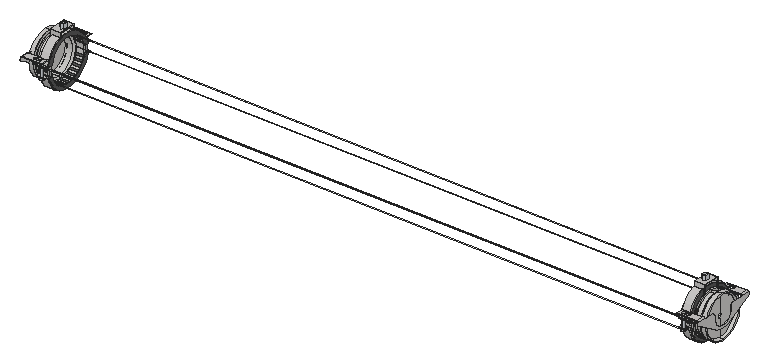
Revit family "FT Pegaso_2020", category Lighting Fixtures, Revit 2020
Family settings
  Round Connector Dimension = Use Diameter
  Part Type = Normal
  OmniClass Number = 23.80.70.00
  OmniClass Title = Lighting
  Work Plane-Based = No
  Always vertical = Yes
  Cut with Voids When Loaded = No
  Light Source = Yes
  Shared = No
  Room Calculation Point = No
Parameters (values of type "PE324")
  Watts = 40 W
  Wattage = 9.2903 W
  built-in parameter 1150110 = 1 (stored number, unit not read)
  Useful life = "L70B50>50000"
  Unify glade rating = "UGR<19"
  URL = "https://www.airfal.com/prod/aplicaciones-iluminacion/luminaria-pegaso/"
  built-in parameter 1114217 = 1 (stored number, unit not read)
  Tilt Angle = 90.00°
  built-in parameter 1150109 = 1 (stored number, unit not read)
  built-in parameter 1150134 = 3
  TR1-PEGASO-TUNNEL [instance] = yes
  built-in parameter 1150113 = 1 (stored number, unit not read)
  Size = 1500.00 mm
  Photometric Web File = "PE324 PEGASO 1500 40W 6700 lm 4000ºK.IES"
  Photobiological risk group = "RG1"
  Net output = 4874 lm
  NO TR1-PEGASO-TUNNEL [instance] = yes
  MacAdam Ellipse = "3/4"
  built-in parameter 1150105 = 109.82 (stored number, unit not read)
  Lumens = 1380 lm
  built-in parameter 1150115 = 1 (stored number, unit not read)
  built-in parameter 1150137 = (empty or 0)
  built-in parameter 1150139 = (empty or 0)
  Led Module = yes
  built-in parameter 1150112 = 1 (stored number, unit not read)
  built-in parameter 1150114 = 1 (stored number, unit not read)
  L = 1581.00 mm
  built-in parameter 1150132 = (empty or 0)
  built-in parameter 1150102 = (empty or 0)
  built-in parameter 1150107 = 3200 (stored number, unit not read)
  built-in parameter 1150138 = (empty or 0)
  built-in parameter 1150106 = 1.0982 (stored number, unit not read)
  IP = "IP68-2"
  IK = "IK10"
  Glow wire test = "960ºC"
  Emit from Line Length = 609.60 mm
  Emergency system = no
  built-in parameter 1150104 = 13.8 (stored number, unit not read)
  EX Area = ""
  Dimming Lamp Color Temperature Shift = <None>
  Description = "https://www.airfal.com/fichas/new/FT-Pegaso.pdf"
  Default Elevation = 0.00 mm
  Color Filter = 16777215
  Chromatic Index = "CR>80"
  built-in parameter 1114218 = 1 (stored number, unit not read)
  built-in parameter 1150133 = 10 (stored number, unit not read)
Types (12, lengths in mm): name | Watts | Tilt Angle | Size | Photometric Web File | Net output | L
  PE113 | 13 W | 60.00° | 673.00 | "PE113 PEGASO 600 13W 1490 lm 3000ºK.IES" | 1084 lm | 721.00
  PE114 | 13 W | 60.00° | 600.00 | "PE114 PEGASO 600 13W 1550 lm 4000ºK.IES" | 1127 lm | 721.00
  PE123 | 16 W | 90.00° | 600.00 | "PE123 PEGASO 600 16W 2560 lm 3000ºK.IES" | 1862 lm | 721.00
  PE124 | 16 W | 90.00° | 600.00 | "PE124 PEGASO 600 16W 2670 lm 4000ºK.IES" | 1942 lm | 721.00
  PE213 | 24 W | 60.00° | 1200.00 | "PE213 PEGASO 1200 24W 2980 lm 3000ºK.IES" | 2168 lm | 1235.00
  PE214 | 24 W | 60.00° | 1200.00 | "PE214 PEGASO 1200 24W 3200 lm 4000ºK.IES" | 2328 lm | 1235.00
  PE223 | 32 W | 90.00° | 1200.00 | "PE223 PEGASO 1200 32W 5120 lm 3000ºK.IES" | 3724 lm | 1235.00
  PE313 | 29 W | 60.00° | 1500.00 | "PE313 PEGASO 1500 29W 3720 lm 3000ºK.IES" | 2706 lm | 1581.00
  PE224 | 32 W | 90.00° | 1200.00 | "PE224 PEGASO 1200 32W 5340 lm 4000ºK.IES" | 3884 lm | 1235.00
  PE314 | 29 W | 60.00° | 1500.00 | "PE314 PEGASO 1500 29W 4000 lm 4000ºK.IES" | 2910 lm | 1581.00
  PE323 | 40 W | 90.00° | 1500.00 | "PE323 PEGASO 1500 40W 6310 lm 3000ºK.IES" | 4590 lm | 1581.00
  PE324 | 40 W | 90.00° | 1500.00 | "PE324 PEGASO 1500 40W 6700 lm 4000ºK.IES" | 4874 lm | 1581.00
Reference planes
  plane 1 "Light Source Axis (F/B)": y = -218.644
  plane 2: z = 0
  plane 3 "Light Source Axis (L/R)": x = 0
  plane 4 "Light Source Elevation": z = 1371.6
  plane 5: z = 0
  plane 6: x = -790.5
  plane 7: x = 790.5
  plane 8: x = -750
  plane 9: x = 750
  plane 10: z = 1438.6
  plane 11: x = -800.6
  plane 12: x = 800.6
  plane 13: z = 1321.6
Forms (mm)
  Extrusion 1, solid, material "Polycarbonate"
    sketch origin (0, 0, 0) x (0, 1, 0) y (0, 0, 1)
      loop
        circle (-218.644, 1371.6) r 50
      loop
        circle (-218.644, 1371.6) r 48
    from -790.5 to 790.5
Dimensions and locks
  equal spacing: plane 6, plane 3 "Light Source Axis (L/R)", plane 7
  "L": plane 6 to plane 7
  "Size": plane 8 to plane 9
  equal spacing: plane 8, plane 3 "Light Source Axis (L/R)", plane 9
  locked: plane 10 to plane 4 "Light Source Elevation" at 67
  plane 11 to plane 6 = 10.10 mm
  locked: plane 12 to plane 7 at 10.1
  locked: plane 4 "Light Source Elevation" to plane 13 at 50
  plane 6 to plane 8 = 40.50 mm
  plane 9 to plane 7 = 40.50 mm
  aligned and locked: level to plane 5
  aligned and locked: Extrusion 1 to plane 6
  aligned and locked: Extrusion 1 to plane 7
  aligned and locked: nested 1 to plane 1 "Light Source Axis (F/B)"
  aligned and locked: plane 8 to nested 1
  aligned and locked: plane 9 to nested 2
  aligned and locked: nested 2 to plane 1 "Light Source Axis (F/B)"
  aligned and locked: nested 2 to plane 10
  aligned and locked: nested 1 to plane 10
  aligned and locked: plane 12 to nested 6
  aligned and locked: nested 5 to plane 11
  aligned and locked: plane 11 to nested 3
  aligned and locked: plane 12 to nested 4
  aligned and locked: nested 7 to plane 1 "Light Source Axis (F/B)"
  aligned and locked: nested 7 to plane 8
  aligned and locked: plane 9 to nested 8
  aligned and locked: nested 4 to plane 1 "Light Source Axis (F/B)"
  aligned and locked: plane 4 "Light Source Elevation" to nested 7
  aligned and locked: plane 4 "Light Source Elevation" to nested 8
Automatic sketch dimensions
  Extrusion 1 sketch curve to plane 1 "Light Source Axis (F/B)" = 0.00 mm
  plane 4 "Light Source Elevation" to Extrusion 1 sketch curve = 0.00 mm
  Extrusion 1 sketch curve to Extrusion 1 sketch curve = 0.00 mm  (x2)
  radius of Extrusion 1 sketch curve = 50.00 mm
  radius of Extrusion 1 sketch curve = 48.00 mm
Nested families
  nested 1: "Quick opening stainless steel FARM-100mm" at (-762, -218.644, 1371.6) x (0, 1, 0) z (0, 0, 1), visible <- "NO TR1-PEGASO-TUNNEL", type "Quick opening stainless steel FARM-100mm"
  nested 2: "Quick opening stainless steel FARM-100mm" at (762, -218.644, 1371.6) x (0, 1, 0) z (0, 0, 1), visible <- "NO TR1-PEGASO-TUNNEL", type "Quick opening stainless steel FARM-100mm"
  nested 3: "R05R0 ABS silver end caps (no hole)" at (-800.6, -218.644, 1371.6), type "101"
  nested 4: "R05R0 ABS silver end caps (hole)" at (800.6, -218.644, 1371.6) x (-1, 0, 0) z (0, 0, 1), type "101"
  nested 5: "TR1-PEGASO-TUNNEL" at (-801.6, -218.644, 1348.474) x (0, -1, 0) z (0, 0, 1), visible <- "TR1-PEGASO-TUNNEL", type "TR1-PEGASO-TUNNEL"
  nested 6: "TR1-PEGASO-TUNNEL" at (801.6, -218.644, 1348.474) x (0, -1, 0) z (0, 0, 1), visible <- "TR1-PEGASO-TUNNEL", type "TR1-PEGASO-TUNNEL"
  nested 7: "FT ABRAP-es" at (-759.25, -218.644, 1371.6) x (0, 1, 0) z (0, 0, 1), visible <- "TR1-PEGASO-TUNNEL", type "ABRI150"
  nested 8: "FT ABRAP-es" at (759.25, -218.644, 1371.6) x (0, 1, 0) z (0, 0, 1), visible <- "TR1-PEGASO-TUNNEL", type "ABRI150"
Definition of nested family "Quick opening stainless steel FARM-100mm"
  Parameters
    Default Elevation = 0.00 mm
  Reference planes
    plane 1 "Center (Front/Back)": y = 0
    plane 2: z = 0
    plane 3 "Center (Left/Right)": x = 0
    plane 4: x = 50
    plane 5: x = -50
    plane 6: through (-51.932, -4572, 0.986) normal (0.9987, 0, 0.0504)
  Forms (mm)
    Extrusion 1, solid
      sketch origin (0, 0, 0) x (1, 0, 0) y (0, 0, 1)
        loop
          line (-19, 46.249) -> (-19, 66) -> (19, 66) -> (19, 46.249)
          arc (19, 46.249) -> (29.624, -40.279) -> (-49.81, -4.358) r 50
          line (-49.81, -4.358) -> (-50.806, -4.445)
          arc (-50.806, -4.445) -> (29.945, -41.283) -> (20, 46.915) r 51
          line (20, 46.915) -> (20, 67) -> (-20, 67) -> (-20, 46.915)
          arc (-20, 46.915) -> (-42.1, 28.786) -> (-50.974, 1.614) r 51
          arc (-50.974, 1.614) -> (-51.29, 1.165) -> (-51.828, 1.276) r 0.5
          line (-51.828, 1.276) -> (-56.07, 5.519) -> (-56.778, 4.812) -> (-52.535, 0.569)
          arc (-52.535, 0.569) -> (-50.875, 0.425) -> (-49.967, 1.822) r 1.619
          arc (-49.967, 1.822) -> (-41.019, 28.591) -> (-19, 46.249) r 50
      from -12 to 12
    Sweep 2, solid
      path origin (-1.284, 0.781, 2.348) x (0, 1, 0) y (-0.030516, 0, 0.999534)
        loop
          line (10.214, 1.776) -> (-11.777, 1.776)
          arc (-11.777, 1.776) -> (-13.191, 1.19) -> (-13.777, -0.224) r 2
          line (-13.777, -0.224) -> (-13.777, -15.814)
          arc (-13.777, -15.814) -> (-13.191, -17.228) -> (-11.777, -17.814) r 2
          line (-11.777, -17.814) -> (10.214, -17.814)
          arc (10.214, -17.814) -> (11.628, -17.228) -> (12.214, -15.814) r 2
          line (12.214, -15.814) -> (12.214, -0.224)
          arc (12.214, -0.224) -> (11.628, 1.19) -> (10.214, 1.776) r 2
      profile origin (-1.338, 0, 4.123) x (0.030516, 0, -0.999534) y (0.999534, 0, 0.030516)
        loop
          circle (0, -50.482) r 0.8
    Extrusion 3, solid
      sketch origin (2.155, 0, 0.192) x (1, 0, 0) y (0, 0, 1)
        loop
          arc (-53.343, -1.904) -> (-53.731, -1.244) -> (-54.472, -1.052) r 1
          line (-54.472, -1.052) -> (-55.784, -1.236)
          arc (-55.784, -1.236) -> (-57.104, -2.012) -> (-57.488, -3.494) r 2
          line (-57.488, -3.494) -> (-55.129, -20.352)
          arc (-55.129, -20.352) -> (-54.99, -20.738) -> (-54.707, -21.036) r 1
          arc (-54.707, -21.036) -> (-53.399, -23.326) -> (-54.37, -25.777) r 3.043
          line (-54.37, -25.777) -> (-53.074, -25.595)
          arc (-53.074, -25.595) -> (-52.104, -23.144) -> (-53.411, -20.855) r 3.043
          arc (-53.411, -20.855) -> (-53.688, -20.567) -> (-53.83, -20.195) r 1
          arc (-53.83, -20.195) -> (-53.627, -19.468) -> (-52.975, -19.09) r 1
          line (-52.975, -19.09) -> (-51.968, -18.949)
          arc (-51.968, -18.949) -> (-51.308, -18.561) -> (-51.116, -17.82) r 1
          line (-51.116, -17.82) -> (-53.343, -1.904)
        loop
          line (-56.993, -3.424) -> (-56.809, -4.734) -> (-55.324, -4.527) -> (-55.715, -1.731)
          arc (-55.715, -1.731) -> (-56.705, -2.313) -> (-56.993, -3.424) r 1.5
        loop
          circle (-53.087, -17.163) r 1.401
      from -9.93 to 9.9
    Extrusion 4, void
      sketch origin (0, 0, 0) x (1, 0, 0) y (0, 1, 0)
        loop
          circle (0, 0) r 4.5
      from 66 to 67
  Cuts and joins
    Extrusion 4 cuts Extrusion 1
  Dimensions and locks
    aligned and locked: plane 2 to level
  Automatic sketch dimensions
    plane 1 "Center (Front/Back)" to Extrusion 4 sketch curve = 0.00 mm
    Extrusion 4 sketch curve to plane 3 "Center (Left/Right)" = 0.00 mm
    Extrusion 1 sketch curve to Extrusion 1 sketch curve = 0.00 mm  (x13)
    Extrusion 1 sketch curve to plane 3 "Center (Left/Right)" = 0.00 mm
    Extrusion 1 sketch curve to Extrusion 1 sketch curve = 1.00 mm  (x3)
    plane 5 to Extrusion 1 sketch curve = 1.474 mm
    Extrusion 1 sketch curve to Extrusion 1 sketch curve = 0.111 mm
    Extrusion 1 sketch curve to Extrusion 1 sketch curve = 0.354 mm  (x2)
    level to Extrusion 1 sketch curve = 0.569 mm
    Extrusion 1 sketch curve to Extrusion 1 sketch curve = 0.707 mm  (x3)
    Extrusion 1 sketch curve to Extrusion 1 sketch curve = 4.485 mm
    Extrusion 1 sketch curve to Extrusion 1 sketch curve = 0.251 mm
    Extrusion 1 sketch curve to Extrusion 1 sketch curve = 0.665 mm  (x2)
    Extrusion 1 sketch curve to Extrusion 1 sketch curve = 19.085 mm
    plane 5 to Extrusion 1 sketch curve = 0.806 mm
    Extrusion 1 sketch curve to level = 4.445 mm
    Extrusion 1 sketch curve to plane 5 = 0.19 mm
    Extrusion 1 sketch curve to level = 4.358 mm
    Extrusion 1 sketch curve to plane 3 "Center (Left/Right)" = 20.00 mm
    Extrusion 1 sketch curve to level = 0.00 mm
    Extrusion 3 sketch curve to Extrusion 3 sketch curve = 0.00 mm  (x2)
    Extrusion 3 sketch curve to level = 3.302 mm
    plane 5 to Extrusion 3 sketch curve = 5.333 mm
    Extrusion 3 sketch curve to Extrusion 3 sketch curve = 0.495 mm
    Extrusion 3 sketch curve to Extrusion 3 sketch curve = 0.183 mm  (x2)
    plane 5 to Extrusion 3 sketch curve = 4.279 mm
    Extrusion 3 sketch curve to level = 1.044 mm
    Extrusion 3 sketch curve to Extrusion 3 sketch curve = 1.208 mm
    Extrusion 3 sketch curve to level = 1.539 mm
    Extrusion 3 sketch curve to Extrusion 3 sketch curve = 0.069 mm
    Extrusion 3 sketch curve to Extrusion 3 sketch curve = 0.208 mm
    Extrusion 3 sketch curve to Extrusion 3 sketch curve = 1.296 mm
    plane 5 to Extrusion 3 sketch curve = 2.974 mm
    Extrusion 3 sketch curve to level = 0.86 mm
    Extrusion 3 sketch curve to Extrusion 3 sketch curve = 1.312 mm
    plane 5 to Extrusion 3 sketch curve = 2.215 mm
    Extrusion 3 sketch curve to Extrusion 3 sketch curve = 0.139 mm  (x2)
    Extrusion 3 sketch curve to Extrusion 3 sketch curve = 0.99 mm  (x4)
    plane 5 to Extrusion 3 sketch curve = 0.932 mm
    plane 5 to Extrusion 3 sketch curve = 0.919 mm
    plane 5 to Extrusion 3 sketch curve = 0.82 mm
    plane 5 to Extrusion 3 sketch curve = 0.688 mm
    Extrusion 3 sketch curve to Extrusion 3 sketch curve = 0.007 mm
    Extrusion 3 sketch curve to plane 5 = 0.048 mm
    Extrusion 3 sketch curve to plane 5 = 0.187 mm
    Extrusion 3 sketch curve to Extrusion 3 sketch curve = 12.637 mm
    Extrusion 3 sketch curve to Extrusion 3 sketch curve = 0.657 mm
    Extrusion 3 sketch curve to Extrusion 3 sketch curve = 0.141 mm
    Extrusion 3 sketch curve to Extrusion 3 sketch curve = 0.942 mm
    Extrusion 3 sketch curve to Extrusion 3 sketch curve = 0.048 mm
    Extrusion 3 sketch curve to Extrusion 3 sketch curve = 0.181 mm  (x3)
    Extrusion 3 sketch curve to Extrusion 3 sketch curve = 3.008 mm
    Extrusion 3 sketch curve to Extrusion 3 sketch curve = 2.236 mm
    Extrusion 3 sketch curve to Extrusion 3 sketch curve = 0.309 mm
    plane 1 "Center (Front/Back)" to Sweep 2 sketch curve = 12.995 mm
    Sweep 2 sketch curve to Sweep 2 sketch curve = 2.00 mm  (x3)
    Sweep 2 sketch curve to plane 1 "Center (Front/Back)" = 10.995 mm  (x2)
    Sweep 2 sketch curve to Sweep 2 sketch curve = 15.59 mm
    profile plane to Sweep 2 sketch curve = 0.00 mm
    Sweep 2 sketch curve to profile plane = 50.482 mm
    radius of Extrusion 4 sketch curve = 4.50 mm
    radius of Extrusion 3 sketch curve = 1.401 mm
    radius of Sweep 2 sketch curve = 0.80 mm
Definition of nested family "R05R0 ABS silver end caps (no hole)"
  Parameters (values of type "101")
    R1 = 50.00 mm
    Default Elevation = 0.00 mm
  Reference planes
    plane 1 "Center (Front/Back)": y = 0
    plane 2: z = 0
    plane 3 "Center (Left/Right)": x = 0
  Forms (mm)
    Revolve 1, solid
      sketch origin (0, 0, 0) x (1, 0, 0) y (0, 0, 1)
        loop
          line (7.5, 2) -> (10.2, 2) -> (10.2, 42) -> (30.2, 42) -> (33.2, 46) -> (33.2, 47) -> (27.2, 47) -> (27.2, 44.15) -> (15, 44.15) -> (15, 47) -> (11, 47) -> (11, 50) -> (0, 50) -> (0, 48) -> (7.5, 45) -> (7.5, 2)
        axis (0, 0) -> (33.2, 0)
      angle from 0 to 360
  Dimensions and locks
    aligned and locked: plane 2 to level
Definition of nested family "R05R0 ABS silver end caps (hole)"
  Parameters (values of type "101")
    R1 = 50.00 mm
    Default Elevation = 0.00 mm
  Reference planes
    plane 1 "Center (Front/Back)": y = 0
    plane 2: z = 0
    plane 3 "Center (Left/Right)": x = 0
  Forms (mm)
    Revolve 1, solid
      sketch origin (0, 0, 0) x (1, 0, 0) y (0, 0, 1)
        loop
          line (7.5, 6) -> (10.2, 6) -> (10.2, 42) -> (30.2, 42) -> (33.2, 46) -> (33.2, 47) -> (27.2, 47) -> (27.2, 44.15) -> (15, 44.15) -> (15, 47) -> (11, 47) -> (11, 50) -> (0, 50) -> (0, 48) -> (7.5, 45) -> (7.5, 6)
        axis (0, 0) -> (33.2, 0)
      angle from 0 to 360
  Dimensions and locks
    aligned and locked: plane 2 to level
Definition of nested family "TR1-PEGASO-TUNNEL"
  Parameters (values of type "TR1-PEGASO-TUNNEL")
    Default Elevation = 0.00 mm
  Reference planes
    plane 1 "Center (Front/Back)": y = 0
    plane 2: z = 0
    plane 3 "Center (Left/Right)": x = 0
    plane 4: x = 65
    plane 5: x = -65
    plane 6: x = -55.5
    plane 7: x = 55.5
    plane 8: x = -25
    plane 9: x = 25
    plane 10: z = 46.015
  Forms (mm)
    Extrusion 1, solid
      sketch origin (0, -3.993, 46.015) x (0, 1, 0) y (-1, 0, 0)
        loop
          line (-46.006, 74.5) -> (-46.006, 55.5) -> (0, 55.5) -> (0, 74.5) -> (-46.006, 74.5)
        loop
          line (-24.506, 69) -> (-35.506, 69)
          arc (-35.506, 69) -> (-39.506, 65) -> (-35.506, 61) r 4
          line (-35.506, 61) -> (-24.506, 61)
          arc (-24.506, 61) -> (-20.506, 65) -> (-24.506, 69) r 4
        loop
          line (-46.006, -74.5) -> (0, -74.5) -> (0, -55.5) -> (-46.006, -55.5) -> (-46.006, -74.5)
        loop
          arc (-24.506, -69) -> (-20.506, -65) -> (-24.506, -61) r 4
          line (-24.506, -61) -> (-35.506, -61)
          arc (-35.506, -61) -> (-39.506, -65) -> (-35.506, -69) r 4
          line (-35.506, -69) -> (-24.506, -69)
      from 0 to -1
    Extrusion 2, solid
      sketch origin (0, 25.184, 18.548) x (0, 0, 1) y (0, 1, 0)
        loop
          line (23.452, -25.184) -> (23.452, -26.184) -> (24.468, -26.184)
          arc (24.468, -26.184) -> (25.882, -26.77) -> (26.468, -28.184) r 2
          line (26.468, -28.184) -> (26.468, -29.178) -> (27.468, -29.178) -> (27.468, -28.184)
          arc (27.468, -28.184) -> (26.589, -26.063) -> (24.468, -25.184) r 3
          line (24.468, -25.184) -> (23.452, -25.184)
      from 55.5 to 74.5
    Extrusion 3, solid
      sketch origin (0, -4.5, 47.302) x (1, 0, 0) y (0, 0, 1)
        loop
          arc (-21.246, -41.532) -> (0, -47.302) -> (21.246, -41.532) r 42
          line (21.246, -41.532) -> (74.5, -10.302) -> (74.5, -5.302) -> (30, -5.302) -> (25, -10.302) -> (25, -17.475)
          arc (25, -17.475) -> (0, -42.475) -> (-25, -17.475) r 25
          line (-25, -17.475) -> (-25, -10.302) -> (-30, -5.302) -> (-74.5, -5.302) -> (-74.5, -10.302) -> (-21.246, -41.532)
      from -4.5 to -3.5
    Extrusion 4, solid
      sketch origin (130, 25.184, 18.548) x (0, 0, 1) y (0, 1, 0)
        loop
          line (23.452, -25.184) -> (23.452, -26.184) -> (24.468, -26.184)
          arc (24.468, -26.184) -> (25.882, -26.77) -> (26.468, -28.184) r 2
          line (26.468, -28.184) -> (26.468, -29.178) -> (27.468, -29.178) -> (27.468, -28.184)
          arc (27.468, -28.184) -> (26.589, -26.063) -> (24.468, -25.184) r 3
          line (24.468, -25.184) -> (23.452, -25.184)
      from 55.5 to 74.5
  Cuts and joins
    joined: Extrusion 1, Extrusion 2, Extrusion 3, Extrusion 4
  Dimensions and locks
    equal spacing: plane 5, plane 3 "Center (Left/Right)", plane 4
    plane 5 to plane 4 = 130.00 mm
    plane 6 to plane 7 = 111.00 mm
    equal spacing: plane 6, plane 3 "Center (Left/Right)", plane 7
    aligned and locked: plane 2 to level
  Automatic sketch dimensions
    Extrusion 2 sketch curve to plane 1 "Center (Front/Back)" = 0.00 mm
    level to Extrusion 2 sketch curve = 42.00 mm
    Extrusion 2 sketch curve to Extrusion 2 sketch curve = 1.015 mm
    Extrusion 2 sketch curve to Extrusion 2 sketch curve = 0.00 mm
    Extrusion 2 sketch curve to Extrusion 2 sketch curve = 2.00 mm
    Extrusion 2 sketch curve to Extrusion 2 sketch curve = 1.00 mm
    plane 1 "Center (Front/Back)" to Extrusion 2 sketch curve = 3.00 mm
    Extrusion 2 sketch curve to Extrusion 2 sketch curve = 0.993 mm
    plane 8 to Extrusion 3 sketch curve = 0.00 mm
    Extrusion 3 sketch curve to plane 3 "Center (Left/Right)" = 0.00 mm  (x2)
    plane 8 to Extrusion 3 sketch curve = 5.00 mm
    plane 5 to Extrusion 3 sketch curve = 9.50 mm
    Extrusion 3 sketch curve to plane 8 = 3.754 mm
    Extrusion 3 sketch curve to plane 9 = 3.754 mm
    plane 9 to Extrusion 3 sketch curve = 5.00 mm
    plane 4 to Extrusion 3 sketch curve = 9.50 mm
    level to Extrusion 3 sketch curve = 5.77 mm
    level to Extrusion 3 sketch curve = 29.827 mm
    level to Extrusion 3 sketch curve = 37.00 mm  (x2)
    Extrusion 3 sketch curve to Extrusion 3 sketch curve = 7.173 mm  (x2)
    Extrusion 3 sketch curve to Extrusion 3 sketch curve = 5.00 mm  (x2)
    Extrusion 3 sketch curve to Extrusion 3 sketch curve = 12.173 mm
    Extrusion 4 sketch curve to plane 1 "Center (Front/Back)" = 0.00 mm
    level to Extrusion 4 sketch curve = 42.00 mm
    Extrusion 4 sketch curve to Extrusion 4 sketch curve = 1.015 mm
    Extrusion 4 sketch curve to Extrusion 4 sketch curve = 0.00 mm
    Extrusion 4 sketch curve to Extrusion 4 sketch curve = 2.00 mm
    Extrusion 4 sketch curve to Extrusion 4 sketch curve = 1.00 mm
    plane 1 "Center (Front/Back)" to Extrusion 4 sketch curve = 3.00 mm
    Extrusion 4 sketch curve to Extrusion 4 sketch curve = 0.993 mm
    Extrusion 1 sketch curve to plane 6 = 0.00 mm
    Extrusion 1 sketch curve to plane 7 = 0.00 mm
    Extrusion 1 sketch curve to plane 5 = 0.00 mm
    Extrusion 1 sketch curve to plane 4 = 0.00 mm
    plane 5 to Extrusion 1 sketch curve = 9.50 mm
    plane 1 "Center (Front/Back)" to Extrusion 1 sketch curve = 50.00 mm  (x2)
    Extrusion 1 sketch curve to plane 4 = 4.00 mm
    Extrusion 1 sketch curve to Extrusion 1 sketch curve = 10.50 mm  (x2)
    Extrusion 1 sketch curve to plane 5 = 4.00 mm
    Extrusion 1 sketch curve to Extrusion 1 sketch curve = 11.00 mm  (x2)
    plane 1 "Center (Front/Back)" to Extrusion 1 sketch curve = 3.993 mm  (x2)
    plane 4 to Extrusion 1 sketch curve = 9.50 mm
Definition of nested family "FT ABRAP-es"
  Parameters (values of type "ABRI 100")
    s = 2.00 mm
    r1 = 50.00 mm
    h = 76.00 mm
    e = 20.00 mm
    b2 = 22.00 mm
    b = 18.50 mm
    H = 136.00 mm
    R2 = 60.00 mm
    R1 = 58.00 mm
    Default Elevation = 0.00 mm
    D = 100.00 mm
    B = H  # 136.00 mm
  Types (2): name
    ABRI150
    ABRI 100
  Reference planes
    plane 1 "Center (Front/Back)": y = 0
    plane 2: z = 0
    plane 3 "Center (Left/Right)": x = 0
    plane 4: z = 76
    plane 5: z = -60
    plane 6: x = -68
    plane 7: x = 68
    plane 8: y = 9.25
    plane 9: y = -9.25
    plane 10: z = -50
    plane 11: z = 50
    plane 12: z = 60
    plane 13: z = -10
    plane 14: z = 10
    plane 15: z = -12
    plane 16: z = 12
    plane 17: z = 10
    plane 18: z = -10
    plane 19: z = 12
    plane 20: z = -12
    plane 21: y = 11
    plane 22: y = -11
    plane 23: x = -64
    plane 24: x = 64
  Forms (mm)
    Extrusion 1, solid
      sketch origin (34.5, 0, 46.201) x (1, 0, 0) y (0, 0, 1)
        loop
          line (-91.631, -56.201) -> (-102.5, -56.201) -> (-102.5, -58.201) -> (-93.288, -58.201)
          arc (-93.288, -58.201) -> (-34.5, -106.201) -> (24.288, -58.201) r 60
          line (24.288, -58.201) -> (33.5, -58.201) -> (33.5, -56.201) -> (22.631, -56.201)
          arc (22.631, -56.201) -> (-34.5, -104.201) -> (-91.631, -56.201) r 58
        loop
          arc (-91.631, -36.201) -> (-34.5, 11.799) -> (22.631, -36.201) r 58
          line (22.631, -36.201) -> (33.5, -36.201) -> (33.5, -34.201) -> (24.288, -34.201)
          arc (24.288, -34.201) -> (-34.5, 13.799) -> (-93.288, -34.201) r 60
          line (-93.288, -34.201) -> (-102.5, -34.201) -> (-102.5, -36.201) -> (-91.631, -36.201)
      from -9.25 to 9.25
    Extrusion 2, solid
      sketch origin (0, 0, 0) x (1, 0, 0) y (0, 1, 0)
        loop
          circle (0, 0) r 4
        loop
          line (-8, 0) -> (-4, -4.678) -> (4, -4.678) -> (8, 0) -> (4, 4.678) -> (-4, 4.678) -> (-8, 0)
      from 60 to 76
    Extrusion 3, solid
      sketch origin (0, 0, 0) x (1, 0, 0) y (0, 0, 1)
        loop
          line (-48.99, -10) -> (-57.131, -10)
          arc (-57.131, -10) -> (0, -58) -> (57.131, -10) r 58
          line (57.131, -10) -> (48.99, -10)
          arc (48.99, -10) -> (0, -50) -> (-48.99, -10) r 50
        loop
          line (-57.131, 10) -> (-48.99, 10)
          arc (-48.99, 10) -> (0, 50) -> (48.99, 10) r 50
          line (48.99, 10) -> (57.131, 10)
          arc (57.131, 10) -> (0, 58) -> (-57.131, 10) r 58
      from -11 to 11
    Revolve 4, solid
      sketch origin (0, 0, 0) x (1, 0, 0) y (0, 0, 1)
        loop
          line (-69, -12) -> (-69, -14.5)
          arc (-69, -14.5) -> (-66.583, -15.47) -> (-64, -15.8) r 10.265
          line (-64, -15.8) -> (-64, 18) -> (-65.875, 18) -> (-66.5, 17.375) -> (-66.5, -12) -> (-69, -12)
        axis (-64, -15.8) -> (-64, 18)
      angle from 0 to 360
    Revolve 5, solid
      sketch origin (135.743, 0, 0) x (1, 0, 0) y (0, 0, 1)
        loop
          line (-76.743, -12) -> (-76.743, -14.5)
          arc (-76.743, -14.5) -> (-74.326, -15.47) -> (-71.743, -15.8) r 10.265
          line (-71.743, -15.8) -> (-71.743, 18) -> (-73.618, 18) -> (-74.243, 17.375) -> (-74.243, -12) -> (-76.743, -12)
        axis (-71.743, -15.8) -> (-71.743, 18)
      angle from 0 to 360
  Lines and regions (mm)
    model lines
      curve 1: line (-64, 0, 0) -> (-62, 0, 0)
      curve 2: line (0, 0, 0) -> (0, -2, 0)
  Dimensions and locks
    "h": plane 4 to level
    "H": plane 4 to plane 5
    "B": plane 6 to plane 7
    equal spacing: plane 6, plane 3 "Center (Left/Right)", plane 7
    "b": plane 8 to plane 9
    equal spacing: plane 8, plane 1 "Center (Front/Back)", plane 9
    equal spacing: plane 11, level, plane 10
    "D": plane 11 to plane 10
    locked: plane 4 to plane 12 at 16
    equal spacing: plane 14, level, plane 13
    "s": plane 13 to plane 15
    "s": plane 16 to plane 14
    "e": plane 14 to plane 13
    equal spacing: plane 17, level, plane 18
    "e": plane 17 to plane 18
    "s": plane 19 to plane 17
    "s": plane 18 to plane 20
    equal spacing: plane 21, plane 1 "Center (Front/Back)", plane 22
    "b2": plane 21 to plane 22
    plane 6 to plane 23 = 4.00 mm
    plane 7 to plane 24 = 4.00 mm
    plane 8 to plane 9 = 18.50 mm
    plane 12 to plane 11 = 10.00 mm
    "R1": radius of Extrusion 1 sketch curve  (x2)
    "R2": radius of Extrusion 1 sketch curve  (x2)
    "r1": radius of Extrusion 3 sketch curve  (x2)
    "R1": radius of Extrusion 3 sketch curve  (x2)
    aligned and locked: plane 2 to level
    aligned and locked: plane 4 to Extrusion 2
    aligned and locked: Extrusion 2 to plane 12
    aligned and locked: plane 6 to Extrusion 1 sketch curve
    aligned and locked: Extrusion 1 sketch curve to plane 6
    aligned and locked: Extrusion 1 sketch curve to plane 7
    aligned and locked: plane 7 to Extrusion 1 sketch curve
    aligned and locked: Extrusion 1 sketch curve to plane 20
    aligned and locked: plane 18 to Extrusion 1 sketch curve
    aligned and locked: Extrusion 1 sketch curve to plane 17
    aligned and locked: plane 19 to Extrusion 1 sketch curve
    aligned and locked: plane 20 to Extrusion 1 sketch curve
    aligned and locked: Extrusion 1 sketch curve to plane 18
    aligned and locked: plane 17 to Extrusion 1 sketch curve
    aligned and locked: Extrusion 1 sketch curve to plane 19
    aligned and locked: Extrusion 1 to plane 8
    aligned and locked: Extrusion 1 to plane 9
    aligned and locked: Extrusion 1 to Extrusion 3 sketch curve
    aligned and locked: plane 18 to Extrusion 3 sketch curve  (x2)
    aligned and locked: Extrusion 3 sketch curve to plane 17
    aligned and locked: Extrusion 3 to plane 21
    aligned and locked: Extrusion 3 to plane 22
  Automatic sketch dimensions
    plane 1 "Center (Front/Back)" to Extrusion 2 sketch curve = 0.00 mm  (x3)
    Extrusion 2 sketch curve to plane 3 "Center (Left/Right)" = 0.00 mm
    Extrusion 2 sketch curve to plane 3 "Center (Left/Right)" = 4.00 mm  (x2)
    Extrusion 2 sketch curve to Extrusion 2 sketch curve = 4.00 mm  (x2)
    plane 3 "Center (Left/Right)" to Extrusion 2 sketch curve = 4.00 mm  (x2)
    plane 9 to Extrusion 2 sketch curve = 4.572 mm
    plane 8 to Extrusion 2 sketch curve = 4.572 mm
    Revolve 4 sketch curve to plane 20 = 0.00 mm
    Revolve 4 sketch curve to plane 23 = 0.00 mm  (x2)
    plane 23 to Revolve 4 sketch curve = 1.875 mm
    plane 23 to Revolve 4 sketch curve = 2.50 mm
    Revolve 4 sketch curve to Revolve 4 sketch curve = 2.50 mm
    plane 20 to Revolve 4 sketch curve = 2.50 mm
    Revolve 4 sketch curve to Revolve 4 sketch curve = 3.80 mm
    plane 19 to Revolve 4 sketch curve = 5.375 mm
    Revolve 4 sketch curve to Revolve 4 sketch curve = 0.625 mm
    Revolve 4 sketch curve to Revolve 4 sketch curve = 3.403 mm
    Revolve 4 sketch curve to Revolve 4 sketch curve = 4.181 mm
    Revolve 5 sketch curve to plane 20 = 0.00 mm
    Revolve 5 sketch curve to plane 24 = 0.00 mm  (x2)
    Revolve 5 sketch curve to Revolve 5 sketch curve = 1.875 mm
    Revolve 5 sketch curve to plane 24 = 2.50 mm
    Revolve 5 sketch curve to Revolve 5 sketch curve = 2.50 mm
    plane 20 to Revolve 5 sketch curve = 2.50 mm
    Revolve 5 sketch curve to Revolve 5 sketch curve = 3.80 mm
    plane 19 to Revolve 5 sketch curve = 5.375 mm
    Revolve 5 sketch curve to Revolve 5 sketch curve = 0.625 mm
    Revolve 5 sketch curve to Revolve 5 sketch curve = 3.403 mm
    Revolve 5 sketch curve to Revolve 5 sketch curve = 4.181 mm
    curve 1 to level = 0.00 mm
    plane 23 to curve 1 = 0.00 mm
    curve 1 to curve 1 = 2.00 mm
    curve 2 to level = 0.00 mm
    curve 2 to plane 1 "Center (Front/Back)" = 0.00 mm
    plane 1 "Center (Front/Back)" to curve 2 = 2.00 mm
    Extrusion 1 sketch curve to Extrusion 1 sketch curve = 0.00 mm  (x12)
    Extrusion 1 sketch curve to level = 0.00 mm
    Extrusion 1 sketch curve to plane 3 "Center (Left/Right)" = 0.00 mm
    Extrusion 3 sketch curve to Extrusion 3 sketch curve = 0.00 mm  (x12)
    Extrusion 3 sketch curve to level = 0.00 mm
    Extrusion 3 sketch curve to plane 3 "Center (Left/Right)" = 0.00 mm
    radius of Extrusion 2 sketch curve = 4.00 mm
